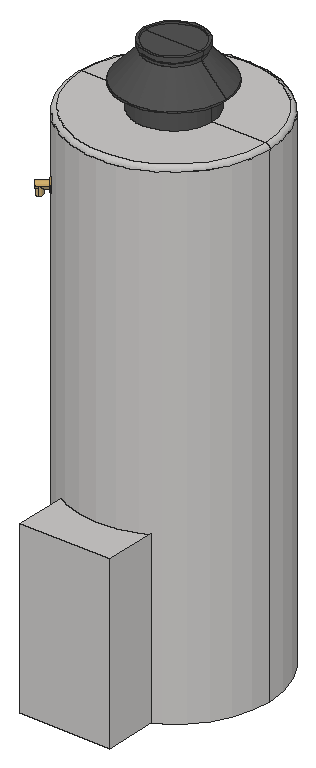
Revit family "StorageTank_Rheem_HeavyDutyGas_Indoor_624275", category Mechanical Equipment, host Face, Revit 2020
Family settings
  Host = Face
  Round Connector Dimension = Use Diameter
  Part Type = Normal
  Cut with Voids When Loaded = No
  Shared = No
  Room Calculation Point = No
Parameters (values of type "Natural Gas")
  WeightNet_ANZRS = 167.00 kg  # constant formula
  Voltage_ANZRS = 240 V
  URL = "https://www.rheem.com.au/rheem/products/commercial"
  Type Comments = "750L first hour delivery @ 50°C rise"
  T&PRValveDiameter = 20 mm  # constant formula
  ProductCode_ANZRS = "624275"  # constant formula
  PowerFactor_ANZRS = 1
  ModifiedIssue_ANZRS = 20200723.01  # constant formula
  Model = "Rheem Heavy Duty Gas 275L - Indoor"  # constant formula
  MinGasPressure = 1.13 kPa
  MaxWaterSupplyPressure_WithoutECV = 800.00 kPa  # constant formula
  MaxWaterSupplyPressure_WithECV = 680.00 kPa  # constant formula
  MaxStoredWaterTemperature = 82 °C  # constant formula
  Material_ANZRS = Metal-Steel-Rheem-Galvanised
  Manufacturer = "Rheem"  # constant formula
  M = 200 mm  # constant formula
  K = 692 mm  # constant formula
  HourlyGasConsumption = 200000000 J
  Height_ANZRS = 1910 mm  # constant formula
  HWOutletDiameter = 32 mm  # constant formula
  GasConnectionDiameter = 20 mm  # constant formula
  G = 1706 mm  # constant formula
  Frequency_ANZRS = 50 Hz
  F = 341 mm  # constant formula
  E = 704 mm  # constant formula
  DrainDiameter = 20 mm  # constant formula
  Diameter_ANZRS = 645 mm  # constant formula
  Description = "Rheem Heavy Duty Gas water heaters have been designed to supply large quantities of hot water. The cylinder is protected by multiple anodes and a double layer of vitreous enamel."  # constant formula
  Default Elevation = 0 mm
  D = 1454 mm  # constant formula
  Radius = Diameter_ANZRS / 2  # 322.5 mm
  CreatedBy_ANZRS = "Design Content"  # constant formula
  CreatedByURL_ANZRS = "https://www.designcontent.com.au/"
  CW&PrimaryFlowDiameter = 32 mm  # constant formula
  Capacity_ANZRS = 275.0 L  # constant formula
  C = 780 mm  # constant formula
  B = Diameter_ANZRS  # 645 mm
  A = Height_ANZRS  # 1910 mm
Types (3, lengths in mm): name | Type Comments | MinGasPressure | HourlyGasConsumption
  (no name) | "750L first hour delivery @ 50°C rise" | 1.13 kPa | 200000000 J
  Natural Gas | "750L first hour delivery @ 50°C rise" | 1.13 kPa | 200000000 J
  Propane Gas | "710L first hour delivery @ 50°C rise" | 2.75 kPa | 190000000 J
Reference planes
  plane 1 "Center (Front/Back)": y = 0
  plane 2: z = 0
  plane 3 "Center (Left/Right)": x = 0
  plane 4: z = 0
  plane 5: z = 600
  plane 6 "CW Inlet": z = 704
  plane 7: z = 1706
  plane 8: z = 1910
  plane 9: x = -322.5
  plane 10: x = 322.5
  plane 11: z = 32
  plane 12: y = 322.5
  plane 13: y = -322.5
  plane 14: y = -352.5
  plane 15: x = 100
  plane 16: x = -100
  plane 17: z = 1790
  plane 18: z = 1785
  plane 19: y = -457.5
  plane 20: x = -150
  plane 21: x = 150
  plane 22: z = 57
  plane 23: through (0, 0, 1219.2) normal (0.5446, -0.8387, 0)
  plane 24: z = 1454
  plane 25: x = -332.5
  plane 26: z = 341
  plane 27 "Gas": y = -369.5
  plane 28: x = -312.5
  plane 29: through (-305.66, -200.199, 1219.2) normal (0.829, 0.5592, 0)
  plane 30: through (-267.525, -174.476, 1219.2) normal (0.829, 0.5592, 0)
  plane 31: through (-239.664, -215.795, 1219.2) normal (-0.7431, -0.6691, 0)
Forms (mm)
  Revolve 1, solid, material "Metal-Steel-Rheem-Galvanised" <- "Material_ANZRS", detail levels medium+fine
    sketch origin (0, 0, 0) x (1, 0, 0) y (0, 0, 1)
      loop
        line (0, 32) -> (322.5, 32) -> (322.5, 1706) -> (0, 1706) -> (0, 32)
      axis (0, 1706) -> (0, 32)
    angle from 0 to 360
  Revolve 2, solid, material "Metal-Steel-Rheem-Black", detail levels medium+fine
    sketch origin (0, 0, 0) x (1, 0, 0) y (0, 0, 1)
      loop
        line (92.903, 1910) -> (92.903, 1905) -> (0, 1905) -> (0, 1706) -> (128.75, 1706) -> (128.75, 1785) -> (175.32, 1785) -> (175.32, 1790) -> (92.903, 1878.381) -> (92.903, 1887.903) -> (100, 1895) -> (100, 1910) -> (92.903, 1910)
      axis (0, 1910) -> (0, 1706)
    angle from 0 to 360
  Extrusion 3, solid, material "Metal-Steel-Rheem-Galvanised" <- "Material_ANZRS"
    sketch origin (0, 0, 0) x (0, 1, 0) y (0, 0, 1)
      loop
        circle (0, 1454) r 16
      loop
        circle (0, 704) r 16
    from -332.5 to -312.5
  Extrusion 4, solid, material "Metal-Steel-Rheem-Galvanised" <- "Material_ANZRS"
    sketch origin (0, 0, 0) x (1, 0, 0) y (0, 1, 0)
      loop
        line (-150, -457.5) -> (150, -457.5) -> (150, -285.493)
        arc (150, -285.493) -> (0, -322.5) -> (-150, -285.493) r 322.5
        line (-150, -285.493) -> (-150, -457.5)
    from 32 to 600
  Extrusion 5, solid, material "Metal-Steel-Rheem-Galvanised" <- "Material_ANZRS"
    sketch origin (0, 0, 0) x (0, 1, 0) y (0, 0, 1)
      loop
        circle (-369.5, 341) r 10
    from -154.97 to -150
  Sweep 6, void
    path in 3D
      loop
        arc (-322.5, 0, 1706) -> (0, 322.5, 1706) -> (322.5, 0, 1706) r 322.5
        arc (322.5, 0, 1706) -> (0, -322.5, 1706) -> (-322.5, 0, 1706) r 322.5
    profile origin (0, -322.5, 1706) x (0, -1, 0) y (0, 0, 1)
      loop
        line (0, 0) -> (-15, 0)
        arc (-15, 0) -> (-4.393, -4.393) -> (0, -15) r 15
        line (0, -15) -> (0, 0)
  Extrusion 7, solid, material "Metal-Steel-Rheem-Galvanised" <- "Material_ANZRS", detail levels medium+fine
    sketch origin (0, 0, 0) x (1, 0, 0) y (0, 1, 0)
      loop
        line (-240.452, 103.964) -> (-263.109, 114.53)
        arc (-263.109, 114.53) -> (-286.956, 0) -> (-263.109, -114.53) r 286.956
        line (-263.109, -114.53) -> (-240.452, -103.964)
        arc (-240.452, -103.964) -> (-261.965, 0) -> (-240.452, 103.964) r 261.965
      loop
        arc (222.952, 103.964) -> (246, 0) -> (222.952, -103.964) r 246
        line (222.952, -103.964) -> (245.609, -114.53)
        arc (245.609, -114.53) -> (271, 0) -> (245.609, 114.53) r 271
        line (245.609, 114.53) -> (222.952, 103.964)
      loop
        line (-103.964, -240.452) -> (-114.53, -263.109)
        arc (-114.53, -263.109) -> (0, -286.956) -> (114.53, -263.109) r 286.956
        line (114.53, -263.109) -> (103.964, -240.452)
        arc (103.964, -240.452) -> (0, -261.965) -> (-103.964, -240.452) r 261.965
      loop
        arc (-103.964, 240.452) -> (0, 261.965) -> (103.964, 240.452) r 261.965
        line (103.964, 240.452) -> (114.53, 263.109)
        arc (114.53, 263.109) -> (0, 286.956) -> (-114.53, 263.109) r 286.956
        line (-114.53, 263.109) -> (-103.964, 240.452)
    from 0 to 32
  Extrusion 8, solid, material "Metal-Steel-Rheem-Galvanised" <- "Material_ANZRS", detail levels coarse
    sketch origin (0, 0, 0) x (1, 0, 0) y (0, 1, 0)
      loop
        circle (0, 0) r 322.5
    from 0 to 1706
  Extrusion 9, solid, material "Metal-Steel-Rheem-Black", detail levels coarse
    sketch origin (0, 0, 0) x (1, 0, 0) y (0, 1, 0)
      loop
        circle (0, 0) r 175.32
    from 1706 to 1910
  Revolve 10, solid, material "Metal-Steel-Rheem-Galvanised" <- "Material_ANZRS"
    sketch origin (0, 0, 306) x (1, 0, 0) y (0, 1, 0)
      loop
        line (-240.994, -216.992) -> (-237.893, -214.2) -> (-251.307, -199.303) -> (-252.875, -200.871) -> (-252.875, -209.646) -> (-250.461, -212.06) -> (-247.685, -209.56) -> (-240.994, -216.992)
      axis (-237.893, -214.2) -> (-243.902, -219.611)
    angle from 0 to 360
Cuts and joins
  Sweep 6 cuts Revolve 1
  joined: Revolve 1, Extrusion 7
Lines and regions (mm)
  sketch lines
    curve 1: arc (322.5, 0, 1706) -> (0, -322.5, 1706) -> (-322.5, 0, 1706) r 322.5
    curve 2: arc (-322.5, 0, 1706) -> (0, 322.5, 1706) -> (322.5, 0, 1706) r 322.5
Dimensions and locks
  "E": plane 6 "CW Inlet" to host face
  "G": plane 7 to host face
  "A": plane 8 to host face
  equal spacing: plane 10, plane 3 "Center (Left/Right)", plane 9
  "Diameter_ANZRS": plane 10 to plane 9
  locked: plane 11 to plane 4 at 32
  equal spacing: plane 12, plane 1 "Center (Front/Back)", plane 13
  "B": plane 12 to plane 13
  locked: plane 14 to plane 13 at 30
  equal spacing: plane 15, plane 3 "Center (Left/Right)", plane 16
  "M": plane 16 to plane 15
  "C": plane 12 to plane 19
  locked: plane 22 to plane 11 at 25
  locked: plane 25 to plane 9 at 10
  plane 8 to plane 17 to plane 18 = 120 mm, 5 mm locked
  "D": plane 24 to host face
  "K": plane 12 to plane 27 "Gas"
  plane 26 to host face = 341 mm
  plane 5 to host face = 600 mm
  "F": plane 26 to host face
  locked: plane 9 to plane 28 at 10
  locked: plane 5 to plane 4 at 600
  Revolve 2 sketch curve to Revolve 2 sketch curve to Revolve 2 sketch curve to Revolve 2 sketch curve to Revolve 2 sketch curve to plane 3 "Center (Left/Right)" = 46.57 mm locked, 28.75 mm locked, 7.097 mm locked, 0 mm locked, 92.903 mm locked
  plane 21 to plane 3 "Center (Left/Right)" to plane 20 = 150 mm locked, 150 mm locked
  locked: plane 30 to plane 29 at 46
  radius of Extrusion 3 sketch curve = 16 mm  (x2)
  radius of Extrusion 5 sketch curve = 10 mm
  radius of Sweep 6 sketch curve = 15 mm
  "B": diameter of Extrusion 8 sketch curve
  locked: plane 1 "Center (Front/Back)" to plane 23 (angle 33.00°)
  aligned and locked: plane 2 to host face
  aligned and locked: level to host face
  aligned and locked: Revolve 1 sketch curve to plane 3 "Center (Left/Right)"
  aligned and locked: Revolve 1 sketch curve to plane 10
  aligned and locked: Revolve 1 sketch curve to plane 11
  aligned and locked: plane 7 to Revolve 1 sketch curve
  aligned and locked: Revolve 2 sketch curve to plane 8
  aligned and locked: plane 1 "Center (Front/Back)" to Extrusion 3 sketch curve  (x2)
  aligned and locked: plane 24 to Extrusion 3 sketch curve
  aligned and locked: plane 6 "CW Inlet" to Extrusion 3 sketch curve
  aligned and locked: Extrusion 3 to plane 25
  aligned and locked: Revolve 2 sketch curve to plane 18
  aligned and locked: plane 20 to Extrusion 4 sketch curve
  aligned and locked: plane 19 to Extrusion 4 sketch curve
  aligned and locked: plane 21 to Extrusion 4 sketch curve
  aligned and locked: plane 5 to Extrusion 4
  aligned and locked: Extrusion 4 to plane 11
  aligned and locked: plane 26 to Extrusion 5 sketch curve
  aligned and locked: plane 28 to Extrusion 3
  aligned and locked: plane 11 to Extrusion 7
  aligned and locked: Extrusion 7 to plane 4
  aligned and locked: plane 3 "Center (Left/Right)" to Extrusion 8 sketch curve
  aligned and locked: plane 1 "Center (Front/Back)" to Extrusion 8 sketch curve
  aligned and locked: plane 7 to Extrusion 8
  aligned and locked: Extrusion 8 to plane 4
  aligned and locked: Extrusion 9 to plane 7
  aligned and locked: plane 8 to Extrusion 9
  aligned and locked: Extrusion 4 sketch curve to Extrusion 8
  aligned and locked: plane 20 to Extrusion 5
  aligned and locked: plane 27 "Gas" to Extrusion 5 sketch curve
  aligned and locked: Revolve 10 sketch curve to Revolve 10 sketch curve
Automatic sketch dimensions
  host sketch curve to host sketch curve = 2438.4 mm  (x2)
  Revolve 1 sketch curve to plane 3 "Center (Left/Right)" = 0 mm
  Revolve 1 sketch curve to level = 609.6 mm
  plane 8 to Revolve 1 sketch curve = 949.058 mm
  Revolve 2 sketch curve to plane 3 "Center (Left/Right)" = 0 mm  (x2)
  Revolve 2 sketch curve to plane 7 = 0 mm
  Revolve 2 sketch curve to plane 17 = 0 mm
  Revolve 2 sketch curve to plane 8 = 31.619 mm
  Revolve 2 sketch curve to Revolve 2 sketch curve = 9.522 mm
  Revolve 2 sketch curve to Revolve 2 sketch curve = 7.097 mm
  Revolve 2 sketch curve to plane 8 = 5 mm
  Revolve 2 sketch curve to level = 609.6 mm
  plane 8 to Revolve 2 sketch curve = 949.058 mm
  Sweep 6 sketch curve to profile plane = 0 mm  (x2)
  Extrusion 7 sketch curve to Extrusion 7 sketch curve = 0 mm  (x56)
  plane 1 "Center (Front/Back)" to Extrusion 7 sketch curve = 0 mm
  Extrusion 7 sketch curve to plane 3 "Center (Left/Right)" = 0 mm
  plane 16 to Extrusion 7 sketch curve = 3.964 mm  (x2)
  plane 16 to Extrusion 7 sketch curve = 14.53 mm  (x2)
  plane 28 to Extrusion 7 sketch curve = 72.048 mm  (x2)
  Extrusion 7 sketch curve to Extrusion 7 sketch curve = 22.658 mm  (x6)
  plane 15 to Extrusion 7 sketch curve = 3.964 mm  (x2)
  plane 15 to Extrusion 7 sketch curve = 14.53 mm  (x2)
  Extrusion 7 sketch curve to plane 21 = 72.952 mm  (x2)
  plane 1 "Center (Front/Back)" to Extrusion 7 sketch curve = 103.964 mm  (x2)
  Extrusion 7 sketch curve to Extrusion 7 sketch curve = 10.565 mm  (x2)
  Extrusion 7 sketch curve to plane 13 = 82.048 mm
  Extrusion 7 sketch curve to plane 12 = 82.048 mm
  plane 1 "Center (Front/Back)" to Extrusion 9 sketch curve = 0 mm
  Extrusion 9 sketch curve to plane 3 "Center (Left/Right)" = 0 mm
  plane 28 to Revolve 10 sketch curve = 59.625 mm
  Revolve 10 sketch curve to Revolve 10 sketch curve = 1.568 mm  (x2)
  Revolve 10 sketch curve to Revolve 10 sketch curve = 2.414 mm  (x2)
  Revolve 10 sketch curve to Revolve 10 sketch curve = 2.776 mm
  Revolve 10 sketch curve to Revolve 10 sketch curve = 6.691 mm
  Revolve 10 sketch curve to Revolve 10 sketch curve = 3.1 mm
  Revolve 10 sketch curve to plane 13 = 105.508 mm
  Revolve 10 sketch curve to Revolve 10 sketch curve = 2.792 mm
  Revolve 10 sketch curve to Revolve 10 sketch curve = 4.331 mm
  Revolve 10 sketch curve to Revolve 10 sketch curve = 0 mm
  radius of Extrusion 9 sketch curve = 175.32 mm
Nested families
  nested 1: "X_Rheem_Valve" at (-289.685, -188.123, 1454) x (0.5446, -0.8387, 0) z (0, 0, 1), built-in parameter 1001364 <- "D", type "Standard"
Connectors
  piping at (-332.5, 0, 1454), diameter 32, driven by "HWOutletDiameter"
    settings: on Extrusion 3, index 4, connector inside diameter 609.6 mm, connector length 0 mm, flow factor 0, pipe flow 0 L/s, pressure drop 0.00 kPa, fitting loss kfactor 0, connector angle 0.00°, fixture units 0, engagement length 0 mm, angle of deflection 0.00°, flow configuration 0, flow direction 2, fitting loss method 0, system type 19, joint type 0, gender type 0, connector reference index -1, connector utility 0, adjustable connector no, is connector primary yes, connector description "HW Out"
  piping at (-332.5, 0, 704), diameter 32, driven by "CW&PrimaryFlowDiameter"
    settings: on Extrusion 3, index 5, connector inside diameter 609.6 mm, connector length 0 mm, flow factor 0, pipe flow 0 L/s, pressure drop 0.00 kPa, fitting loss kfactor 0, connector angle 0.00°, fixture units 0, engagement length 0 mm, angle of deflection 0.00°, flow configuration 0, flow direction 1, fitting loss method 0, system type 20, joint type 0, gender type 0, connector reference index -1, connector utility 0, adjustable connector no, is connector primary no, connector description "CW In"
  hvac at (0, 0, 1910), driven by "M"
    settings: on Extrusion 9, index 6, duct flow 0 L/s, flow factor 0, pres drop 0.00 in-wg, loss coef 0, conn angle 0.00°, conn width 304.8 mm, conn height 304.8 mm, conn diameter 200 mm, duct sys type 3, conn prof type 0, flow config 0, flow direction 2, loss method 0, conn ref index -1, conn util no, is conn primary yes, conn desc ""
  piping at (-154.97, -369.5, 341), diameter 20, driven by "GasConnectionDiameter"
    settings: on Extrusion 5, index 7, connector inside diameter 609.6 mm, connector length 0 mm, flow factor 0, pipe flow 0 L/s, pressure drop 0.00 kPa, fitting loss kfactor 0, connector angle 0.00°, fixture units 0, engagement length 0 mm, angle of deflection 0.00°, flow configuration 0, flow direction 1, fitting loss method 0, system type 22, joint type 0, gender type 0, connector reference index -1, connector utility 0, adjustable connector no, is connector primary no, connector description "Gas In"
  electrical at (150, -371.496, 316), driven by "Voltage_ANZRS", driven by "PowerFactor_ANZRS"
    settings: on Extrusion 4, index 8, voltage 240 V, apparent load 0 VA, apparent load phase1 0 VA, apparent load phase2 0 VA, apparent load phase3 0 VA, power factor 1, load classification "Power", number of poles 1, system type 31, power factor state 1, is connector primary yes, connector utility no, sub classification motor no, connector description ""
  piping at (-296.093, -192.285, 1424.926), diameter 20, driven by "T&PRValveDiameter"
    settings: on nested 1, index 9, connector inside diameter 609.6 mm, connector length 0 mm, flow factor 0, pipe flow 0 L/s, pressure drop 0.00 kPa, fitting loss kfactor 0, connector angle 0.00°, fixture units 0, engagement length 0 mm, angle of deflection 0.00°, flow configuration 1, flow direction 2, fitting loss method 0, system type 16, joint type 0, gender type 0, connector reference index -1, connector utility 0, adjustable connector no, is connector primary no, connector description ""
  piping at (-240.994, -216.992, 306), diameter 20, driven by "DrainDiameter"
    settings: on Revolve 10, index 10, connector inside diameter 609.6 mm, connector length 0 mm, flow factor 0, pipe flow 0 L/s, pressure drop 0.00 kPa, fitting loss kfactor 0, connector angle 0.00°, fixture units 0, engagement length 0 mm, angle of deflection 0.00°, flow configuration 0, flow direction 2, fitting loss method 0, system type 17, joint type 0, gender type 0, connector reference index -1, connector utility 0, adjustable connector no, is connector primary no, connector description ""
Definition of nested family "X_Rheem_Valve"
  Parameters
    Material_ANZRS = none
    Default Elevation = 0 mm
    Assembly Code = ""
  Reference planes
    plane 1 "Center (Front/Back)": y = 0
    plane 2: z = 0
    plane 3 "Center (Left/Right)": x = 0
  Forms (mm)
    Extrusion 1, solid, material <- "Material_ANZRS"
      sketch origin (0, 0, 0) x (1, 0, 0) y (0, 1, 0)
        loop
          circle (0, -7.641) r 10
      from 0 to -29.074
    Revolve 2, solid, material <- "Material_ANZRS"
      sketch origin (0, 0, 0) x (1, 0, 0) y (0, 1, 0)
        loop
          line (-27.668, 40) -> (-27.668, 25.616) -> (-18.681, 20) -> (-9.939, 20) -> (-9.939, -20) -> (0, -20) -> (0, 40) -> (-27.668, 40)
        axis (0, 40) -> (0, -20)
      angle from 0 to 360
  Dimensions and locks
    aligned and locked: level to plane 2
